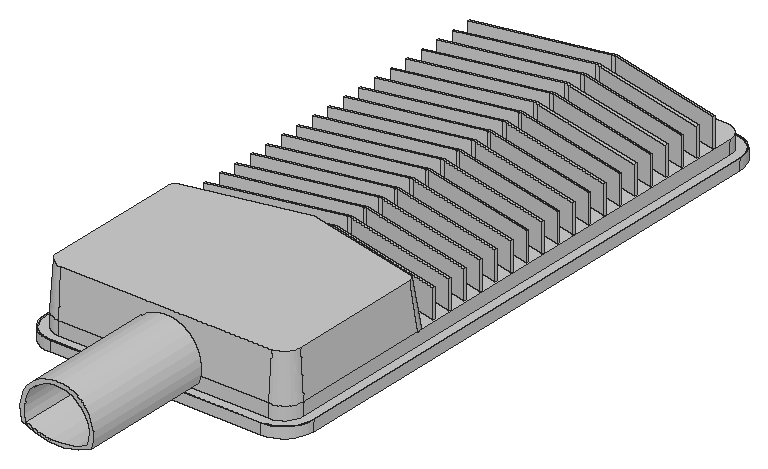
Revit family "NNYC2006488", category 照明器具, Revit 2018
Family settings
  丸型コネクタ寸法 = 直径を使用
  パーツ タイプ = 標準
  OmniClass 番号 = 23.80.70.00
  OmniClass タイトル = Lighting
  作業面ベース = はい
  常に垂直 = いいえ
  ロード時にボイドで切り取り = いいえ
  光源 = はい
  共有 = いいえ
  部屋計算ポイント = いいえ
Parameters (values of type "NNYC2006488")
  built-in parameter 1150110 = 1 (stored number, unit not read)
  長方形の長さに沿って放射 = 153 mm
  長方形の幅に沿って放射 = 306 mm
  built-in parameter 1150133 = 10 (stored number, unit not read)
  Dimming Lamp Color Temperature Shift = (empty or 0)
  説明 = "NNYC2006488"
  製造元 = "Panasonic Corp."
  built-in parameter 1150104 = 13.8 (stored number, unit not read)
  built-in parameter 1150115 = 1 (stored number, unit not read)
  built-in parameter 1150137 = 1
  built-in parameter 1150106 = 105.05 (stored number, unit not read)
  built-in parameter 1150134 = (empty or 0)
  built-in parameter 1150109 = 1 (stored number, unit not read)
  Default Elevation = 0 mm
  built-in parameter 1114218 = 1 (stored number, unit not read)
  built-in parameter 1114217 = 1 (stored number, unit not read)
  built-in parameter 1150102 = (empty or 0)
  built-in parameter 1150107 = 5700 (stored number, unit not read)
  built-in parameter 1150138 = (empty or 0)
  built-in parameter 1150132 = 2
  Lumens = 15000 lm
  built-in parameter 1150105 = 10504.6 (stored number, unit not read)
  Tilt Angle = 90.00°
  built-in parameter 1150139 = (empty or 0)
  Cost = 63000
  Wattage = 100.982 W
  Emit Shape Visible in Rendering = no
  built-in parameter 1150112 = 1 (stored number, unit not read)
  built-in parameter 1150114 = 1 (stored number, unit not read)
  Lamp = ""
  モデル = "LED Street Light SP series"
  フォトメトリック Web ファイル = "NNYC2006488.ies"
  タイプの説明 = "Street Light"
  Type Image = (empty or 0)
  built-in parameter 1150113 = 1 (stored number, unit not read)
  Color Filter = 16777215
  Voltage = 230 V
  Width = 0 mm
  URL = "https://panasonic.net/electricworks/lighting/"
  Light Source = Light Source
  Height = 0 mm
  Length = 0 mm
  Body = ADC12
Reference planes
  plane 1 "Light Source Axis (F/B)": y = 0
  plane 2: z = 0
  plane 3 "Light Source Axis (L/R)": x = 0
  plane 4 "Light Source Elevation": z = 0
  plane 5: z = 41
  plane 6: y = 228
Forms (mm)
  Extrusion 1, solid, material "ADC12" <- "Body"
    sketch origin (0, 0, 0) x (1, 0, 0) y (0, 0, 1)
      loop
        arc (30.153, -10.713) -> (0, 32) -> (-30.153, -10.713) r 32
        arc (-30.153, -10.713) -> (0, -17.823) -> (30.153, -10.713) r 67.5
      loop
        arc (34.135, -11.436) -> (0, 36) -> (-34.135, -11.436) r 36
        arc (-34.135, -11.436) -> (0, -20.323) -> (34.135, -11.436) r 70
    from -134 to 0
  Extrusion 2, solid, material "ADC12" <- "Body"
    sketch origin (0, 0, 0) x (1, 0, 0) y (0, 1, 0)
      loop
        arc (132, 672.04) -> (123.518, 692.518) -> (103.04, 701) r 28.96
        line (103.04, 701) -> (-103.04, 701)
        arc (-103.04, 701) -> (-123.518, 692.518) -> (-132, 672.04) r 28.96
        line (-132, 672.04) -> (-132, 149.96)
        arc (-132, 149.96) -> (-123.518, 129.482) -> (-103.04, 121) r 28.96
        line (-103.04, 121) -> (103.04, 121)
        arc (103.04, 121) -> (123.518, 129.482) -> (132, 149.96) r 28.96
        line (132, 149.96) -> (132, 672.04)
      loop
        arc (-103.04, 699.7) -> (-122.598, 691.598) -> (-130.7, 672.04) r 27.66
        line (-130.7, 672.04) -> (-130.7, 149.96)
        arc (-130.7, 149.96) -> (-122.598, 130.402) -> (-103.04, 122.3) r 27.66
        line (-103.04, 122.3) -> (103.04, 122.3)
        arc (103.04, 122.3) -> (122.598, 130.402) -> (130.7, 149.96) r 27.66
        line (130.7, 149.96) -> (130.7, 672.04)
        arc (130.7, 672.04) -> (122.598, 691.598) -> (103.04, 699.7) r 27.66
        line (103.04, 699.7) -> (-103.04, 699.7)
    from -28 to -18
  Extrusion 3, solid, material "ADC12" <- "Body"
    sketch origin (0, 0, 0) x (1, 0, 0) y (0, 1, 0)
      loop
        arc (130.7, 672.04) -> (122.598, 691.598) -> (103.04, 699.7) r 27.66
        line (103.04, 699.7) -> (-103.04, 699.7)
        arc (-103.04, 699.7) -> (-122.598, 691.598) -> (-130.7, 672.04) r 27.66
        line (-130.7, 672.04) -> (-130.7, 149.96)
        arc (-130.7, 149.96) -> (-122.598, 130.402) -> (-103.04, 122.3) r 27.66
        line (-103.04, 122.3) -> (103.04, 122.3)
        arc (103.04, 122.3) -> (122.598, 130.402) -> (130.7, 149.96) r 27.66
        line (130.7, 149.96) -> (130.7, 672.04)
      loop
        arc (-100.095, 670.626) -> (-104.69, 668.722) -> (-106.594, 664.127) r 6.499
        line (-106.594, 664.127) -> (-106.594, 322.873)
        arc (-106.594, 322.873) -> (-104.69, 318.278) -> (-100.095, 316.374) r 6.499
        line (-100.095, 316.374) -> (100.095, 316.374)
        arc (100.095, 316.374) -> (104.69, 318.278) -> (106.594, 322.873) r 6.499
        line (106.594, 322.873) -> (106.594, 664.127)
        arc (106.594, 664.127) -> (104.69, 668.722) -> (100.095, 670.626) r 6.499
        line (100.095, 670.626) -> (-100.095, 670.626)
    from -18 to -28
  Extrusion 4, solid, material "Light Source" <- "Light Source"
    sketch origin (1500, 0, 0) x (1, 0, 0) y (0, 1, 0)
      loop
        arc (-1575.5, 646.5) -> (-1576.207, 646.207) -> (-1576.5, 645.5) r 1
        line (-1576.5, 645.5) -> (-1576.5, 341.5)
        arc (-1576.5, 341.5) -> (-1576.207, 340.793) -> (-1575.5, 340.5) r 1
        line (-1575.5, 340.5) -> (-1424.5, 340.5)
        arc (-1424.5, 340.5) -> (-1423.793, 340.793) -> (-1423.5, 341.5) r 1
        line (-1423.5, 341.5) -> (-1423.5, 645.5)
        arc (-1423.5, 645.5) -> (-1423.793, 646.207) -> (-1424.5, 646.5) r 1
        line (-1424.5, 646.5) -> (-1575.5, 646.5)
    from -7 to -5
  Extrusion 5, solid, material "ADC12" <- "Body"
    sketch origin (0, 0, 0) x (1, 0, 0) y (0, 1, 0)
      loop
        arc (-103.04, 691) -> (-116.447, 685.447) -> (-122, 672.04) r 18.96
        line (-122, 672.04) -> (-122, 149.96)
        arc (-122, 149.96) -> (-116.447, 136.553) -> (-103.04, 131) r 18.96
        line (-103.04, 131) -> (103.04, 131)
        arc (103.04, 131) -> (116.447, 136.553) -> (122, 149.96) r 18.96
        line (122, 149.96) -> (122, 672.04)
        arc (122, 672.04) -> (116.447, 685.447) -> (103.04, 691) r 18.96
        line (103.04, 691) -> (-103.04, 691)
    from -22 to -5
  Blend 6, solid, material "ADC12" <- "Body"
    base sketch origin (0, 0, 0) x (1, 0, 0) y (0, 1, 0)
      loop
        arc (122, 289.88) -> (119.826, 296.105) -> (114.25, 299.623) r 10
        line (114.25, 299.623) -> (2.25, 325.481)
        arc (2.25, 325.481) -> (0, 325.737) -> (-2.25, 325.481) r 10
        line (-2.25, 325.481) -> (-114.25, 299.623)
        arc (-114.25, 299.623) -> (-119.826, 296.105) -> (-122, 289.88) r 10
        line (-122, 289.88) -> (-122, 149.96)
        arc (-122, 149.96) -> (-116.447, 136.553) -> (-103.04, 131) r 18.96
        line (-103.04, 131) -> (103.04, 131)
        arc (103.04, 131) -> (116.447, 136.553) -> (122, 149.96) r 18.96
        line (122, 149.96) -> (122, 289.88)
    top sketch origin (0, 0, 0) x (1, 0, 0) y (0, 1, 0)
      loop
        arc (119, 284.143) -> (117.478, 288.5) -> (113.575, 290.963) r 7
        line (113.575, 290.963) -> (1.575, 316.821)
        arc (1.575, 316.821) -> (0, 317) -> (-1.575, 316.821) r 7
        line (-1.575, 316.821) -> (-113.575, 290.963)
        arc (-113.575, 290.963) -> (-117.478, 288.5) -> (-119, 284.143) r 7
        line (-119, 284.143) -> (-119, 149.96)
        arc (-119, 149.96) -> (-114.325, 138.675) -> (-103.04, 134) r 15.96
        line (-103.04, 134) -> (103.04, 134)
        arc (103.04, 134) -> (114.325, 138.675) -> (119, 149.96) r 15.96
        line (119, 149.96) -> (119, 284.143)
    from -5 to 41
  Blend 7, void
    base sketch origin (0, 0, 0) x (1, 0, 0) y (0, 1, 0)
      loop
        line (-106.594, 664.127) -> (-106.594, 322.873)
        arc (-106.594, 322.873) -> (-104.69, 318.278) -> (-100.095, 316.374) r 6.499
        line (-100.095, 316.374) -> (100.095, 316.374)
        arc (100.095, 316.374) -> (104.69, 318.278) -> (106.594, 322.873) r 6.499
        line (106.594, 322.873) -> (106.594, 664.127)
        arc (106.594, 664.127) -> (104.69, 668.722) -> (100.095, 670.626) r 6.499
        line (100.095, 670.626) -> (-100.095, 670.626)
        arc (-100.095, 670.626) -> (-104.69, 668.722) -> (-106.594, 664.127) r 6.499
    top sketch origin (0, 0, 0) x (1, 0, 0) y (0, 1, 0)
      loop
        arc (-75.5, 651.5) -> (-80.45, 649.45) -> (-82.5, 644.5) r 7
        line (-82.5, 644.5) -> (-82.5, 342.5)
        arc (-82.5, 342.5) -> (-80.45, 337.55) -> (-75.5, 335.5) r 7
        line (-75.5, 335.5) -> (75.5, 335.5)
        arc (75.5, 335.5) -> (80.45, 337.55) -> (82.5, 342.5) r 7
        line (82.5, 342.5) -> (82.5, 644.5)
        arc (82.5, 644.5) -> (80.45, 649.45) -> (75.5, 651.5) r 7
        line (75.5, 651.5) -> (-75.5, 651.5)
    from -22 to -7
  Extrusion 8, void
    sketch origin (1500, 0, 0) x (1, 0, 0) y (0, 1, 0)
      loop
        arc (-1423.5, 645.5) -> (-1423.793, 646.207) -> (-1424.5, 646.5) r 1
        line (-1424.5, 646.5) -> (-1575.5, 646.5)
        arc (-1575.5, 646.5) -> (-1576.207, 646.207) -> (-1576.5, 645.5) r 1
        line (-1576.5, 645.5) -> (-1576.5, 341.5)
        arc (-1576.5, 341.5) -> (-1576.207, 340.793) -> (-1575.5, 340.5) r 1
        line (-1575.5, 340.5) -> (-1424.5, 340.5)
        arc (-1424.5, 340.5) -> (-1423.793, 340.793) -> (-1423.5, 341.5) r 1
        line (-1423.5, 341.5) -> (-1423.5, 645.5)
    from -7 to -5
  Extrusion 9, solid, material "ADC12" <- "Body"
    sketch origin (0, 0, 0) x (1, 0, 0) y (0, 1, 0)
      loop
        line (-2.25, 340.448) -> (-119.848, 313.298) -> (-119.848, 311.246) -> (-1.8, 338.499)
        arc (-1.8, 338.499) -> (0, 338.704) -> (1.8, 338.499) r 8
        line (1.8, 338.499) -> (119.856, 311.244) -> (119.856, 313.296) -> (2.25, 340.448)
        arc (2.25, 340.448) -> (0, 340.704) -> (-2.25, 340.448) r 10
      loop
        line (-2.25, 359.448) -> (-119.848, 332.298) -> (-119.848, 330.246) -> (-1.8, 357.499)
        arc (-1.8, 357.499) -> (0, 357.704) -> (1.8, 357.499) r 8
        line (1.8, 357.499) -> (119.856, 330.244) -> (119.856, 332.296) -> (2.25, 359.448)
        arc (2.25, 359.448) -> (0, 359.704) -> (-2.25, 359.448) r 10
      loop
        line (-2.25, 378.448) -> (-119.848, 351.298) -> (-119.848, 349.246) -> (-1.8, 376.499)
        arc (-1.8, 376.499) -> (0, 376.704) -> (1.8, 376.499) r 8
        line (1.8, 376.499) -> (119.856, 349.244) -> (119.856, 351.296) -> (2.25, 378.448)
        arc (2.25, 378.448) -> (0, 378.704) -> (-2.25, 378.448) r 10
      loop
        line (-2.25, 397.448) -> (-119.848, 370.298) -> (-119.848, 368.246) -> (-1.8, 395.499)
        arc (-1.8, 395.499) -> (0, 395.704) -> (1.8, 395.499) r 8
        line (1.8, 395.499) -> (119.856, 368.244) -> (119.856, 370.296) -> (2.25, 397.448)
        arc (2.25, 397.448) -> (0, 397.704) -> (-2.25, 397.448) r 10
      loop
        line (-2.25, 416.448) -> (-119.848, 389.298) -> (-119.848, 387.246) -> (-1.8, 414.499)
        arc (-1.8, 414.499) -> (0, 414.704) -> (1.8, 414.499) r 8
        line (1.8, 414.499) -> (119.856, 387.244) -> (119.856, 389.296) -> (2.25, 416.448)
        arc (2.25, 416.448) -> (0, 416.704) -> (-2.25, 416.448) r 10
      loop
        line (-2.25, 435.448) -> (-119.848, 408.298) -> (-119.848, 406.246) -> (-1.8, 433.499)
        arc (-1.8, 433.499) -> (0, 433.704) -> (1.8, 433.499) r 8
        line (1.8, 433.499) -> (119.856, 406.244) -> (119.856, 408.296) -> (2.25, 435.448)
        arc (2.25, 435.448) -> (0, 435.704) -> (-2.25, 435.448) r 10
      loop
        line (-2.25, 454.448) -> (-119.848, 427.298) -> (-119.848, 425.246) -> (-1.8, 452.499)
        arc (-1.8, 452.499) -> (0, 452.704) -> (1.8, 452.499) r 8
        line (1.8, 452.499) -> (119.856, 425.244) -> (119.856, 427.296) -> (2.25, 454.448)
        arc (2.25, 454.448) -> (0, 454.704) -> (-2.25, 454.448) r 10
      loop
        line (-2.25, 473.448) -> (-119.848, 446.298) -> (-119.848, 444.246) -> (-1.8, 471.499)
        arc (-1.8, 471.499) -> (0, 471.704) -> (1.8, 471.499) r 8
        line (1.8, 471.499) -> (119.856, 444.244) -> (119.856, 446.296) -> (2.25, 473.448)
        arc (2.25, 473.448) -> (0, 473.704) -> (-2.25, 473.448) r 10
      loop
        line (-2.25, 492.448) -> (-119.848, 465.298) -> (-119.848, 463.246) -> (-1.8, 490.499)
        arc (-1.8, 490.499) -> (0, 490.704) -> (1.8, 490.499) r 8
        line (1.8, 490.499) -> (119.856, 463.244) -> (119.856, 465.296) -> (2.25, 492.448)
        arc (2.25, 492.448) -> (0, 492.704) -> (-2.25, 492.448) r 10
      loop
        line (-2.25, 511.448) -> (-119.848, 484.298) -> (-119.848, 482.246) -> (-1.8, 509.499)
        arc (-1.8, 509.499) -> (0, 509.704) -> (1.8, 509.499) r 8
        line (1.8, 509.499) -> (119.856, 482.244) -> (119.856, 484.296) -> (2.25, 511.448)
        arc (2.25, 511.448) -> (0, 511.704) -> (-2.25, 511.448) r 10
      loop
        line (-2.25, 530.448) -> (-119.848, 503.298) -> (-119.848, 501.246) -> (-1.8, 528.499)
        arc (-1.8, 528.499) -> (0, 528.704) -> (1.8, 528.499) r 8
        line (1.8, 528.499) -> (119.856, 501.244) -> (119.856, 503.296) -> (2.25, 530.448)
        arc (2.25, 530.448) -> (0, 530.704) -> (-2.25, 530.448) r 10
      loop
        line (-2.25, 549.448) -> (-119.848, 522.298) -> (-119.848, 520.246) -> (-1.8, 547.499)
        arc (-1.8, 547.499) -> (0, 547.704) -> (1.8, 547.499) r 8
        line (1.8, 547.499) -> (119.856, 520.244) -> (119.856, 522.296) -> (2.25, 549.448)
        arc (2.25, 549.448) -> (0, 549.704) -> (-2.25, 549.448) r 10
      loop
        line (-2.25, 568.448) -> (-119.848, 541.298) -> (-119.848, 539.246) -> (-1.8, 566.499)
        arc (-1.8, 566.499) -> (0, 566.704) -> (1.8, 566.499) r 8
        line (1.8, 566.499) -> (119.856, 539.244) -> (119.856, 541.296) -> (2.25, 568.448)
        arc (2.25, 568.448) -> (0, 568.704) -> (-2.25, 568.448) r 10
      loop
        line (-2.25, 587.711) -> (-119.848, 560.561) -> (-119.848, 558.509) -> (-1.8, 585.762)
        arc (-1.8, 585.762) -> (0, 585.967) -> (1.8, 585.762) r 8
        line (1.8, 585.762) -> (119.856, 558.507) -> (119.856, 560.559) -> (2.25, 587.711)
        arc (2.25, 587.711) -> (0, 587.967) -> (-2.25, 587.711) r 10
      loop
        line (-2.25, 606.711) -> (-119.848, 579.561) -> (-119.848, 577.509) -> (-1.8, 604.762)
        arc (-1.8, 604.762) -> (0, 604.967) -> (1.8, 604.762) r 8
        line (1.8, 604.762) -> (119.856, 577.507) -> (119.856, 579.559) -> (2.25, 606.711)
        arc (2.25, 606.711) -> (0, 606.967) -> (-2.25, 606.711) r 10
      loop
        line (-2.25, 625.711) -> (-119.848, 598.561) -> (-119.848, 596.509) -> (-1.8, 623.762)
        arc (-1.8, 623.762) -> (0, 623.967) -> (1.8, 623.762) r 8
        line (1.8, 623.762) -> (119.856, 596.507) -> (119.856, 598.559) -> (2.25, 625.711)
        arc (2.25, 625.711) -> (0, 625.967) -> (-2.25, 625.711) r 10
      loop
        line (-2.25, 644.711) -> (-119.848, 617.561) -> (-119.848, 615.509) -> (-1.8, 642.762)
        arc (-1.8, 642.762) -> (0, 642.967) -> (1.8, 642.762) r 8
        line (1.8, 642.762) -> (119.856, 615.507) -> (119.856, 617.559) -> (2.25, 644.711)
        arc (2.25, 644.711) -> (0, 644.967) -> (-2.25, 644.711) r 10
      loop
        line (-2.25, 663.711) -> (-119.848, 636.561) -> (-119.848, 634.509) -> (-1.8, 661.762)
        arc (-1.8, 661.762) -> (0, 661.967) -> (1.8, 661.762) r 8
        line (1.8, 661.762) -> (119.856, 634.507) -> (119.856, 636.559) -> (2.25, 663.711)
        arc (2.25, 663.711) -> (0, 663.967) -> (-2.25, 663.711) r 10
      loop
        line (-2.25, 682.711) -> (-119.848, 655.561) -> (-119.848, 653.509) -> (-1.8, 680.762)
        arc (-1.8, 680.762) -> (0, 680.967) -> (1.8, 680.762) r 8
        line (1.8, 680.762) -> (119.856, 653.507) -> (119.856, 655.559) -> (2.25, 682.711)
        arc (2.25, 682.711) -> (0, 682.967) -> (-2.25, 682.711) r 10
    from -5 to 23.005
Cuts and joins
  Blend 7, Extrusion 8 cuts Extrusion 5
  joined: Extrusion 3, Extrusion 5, Blend 6
Dimensions and locks
  aligned and locked: level to plane 2
Connectors
  electrical at (0, 228, 41)
    settings: on plane 5, index 1, voltage 0 V, apparent load 0 VA, apparent load phase1 0 VA, apparent load phase2 0 VA, apparent load phase3 0 VA, power factor 1, load classification "Other", number of poles 1, system type 31, power factor state 1, is connector primary yes, connector utility no, sub classification motor no, connector description ""
